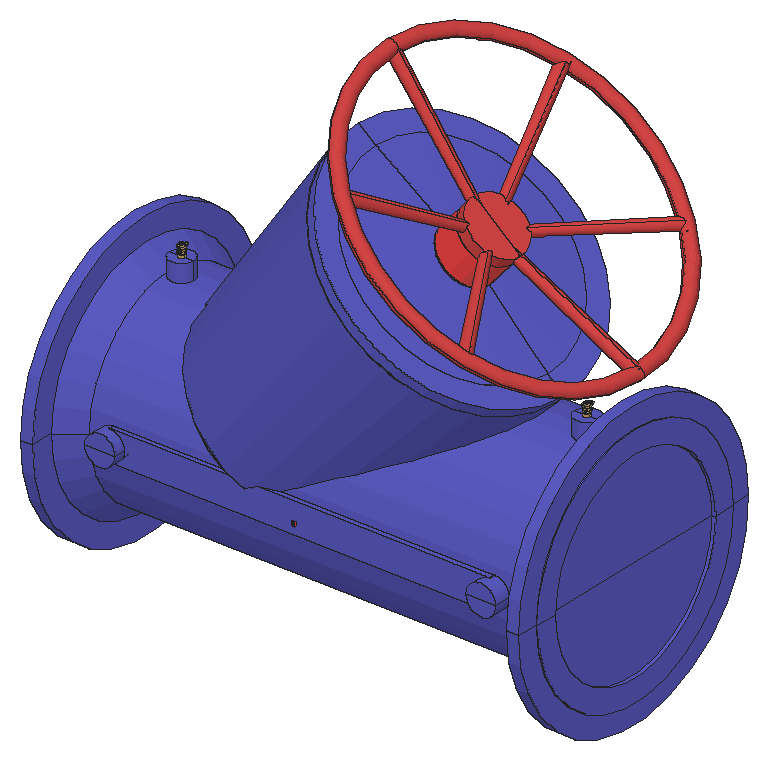
Revit family "HERZ Strömax Commissioning Valve With Test Points, Inclined Body 4220 GF PN25", category Rohrzubehör, Revit 2020
Family settings
  Bemaßung runder Anschluss = Durchmesser verwenden
  Teiletyp = Unterbricht
  OmniClass-Nummer = 23.65.55.14
  OmniClass-Titel = Valves for Liquid Services
  Arbeitsebenenbasiert = Nein
  Immer vertikal = Ja
  Beim Laden mit Abzugskörper schneiden = Nein
  Gemeinsam genutzt = Nein
Parameters
  kvs-value [instance] = if(Nennweite = 350.00 mm, 2917.6, if(Nennweite = 400.00 mm, 3854.8, if(Nennweite = 500.00 mm, 5250.6, 0)))  # 5250.6
  Vorgabe-Ansicht = 0.00 mm
  Part number [instance] = size_lookup("4220_GF_25_", "Artnr", 0, Nennweite)  # 1422092
  Counting device = "plastic material"  # constant formula
  W02 = 60.00°  # constant formula
  W01 = 50.00°  # constant formula
  Valve cone = "ductile iron EN-GJS-400-15 according to EN 1561 / EPDM coated"  # constant formula
  Spindle = "stainless steel"  # constant formula
  S01 [instance] = Nennweite + 10.00 mm  # 510.00 mm
  Regulating spindle = "stainless steel"  # constant formula
  Upper part = "ductile iron EN-GJS-400-15"  # constant formula
  O-Ring = "EPDM"  # constant formula
  Model = "STRÖMAX GF double regulating and commissioning valve with measuring valves, DN 350-500:\r\nbody nodular cast iron GJS 400-15 according to EN 1561, flange according to EN 1092, PN 16 or PN 25, blue enamel.\r\nValve upper part nodular cast iron GJS 400-15, with non-rising spindle, spindle sealing by means of a triple O-ring.\r\nPresetting steps are displayed digitally."
  Min. operating temperature = -10 °C  # constant formula
  Max. operating temperature = 110 °C  # constant formula
  Max. operating pressure = 2500000.0 Pa  # constant formula
  L04 [instance] = size_lookup("4220_GF_25_", "L4", 1.00 mm, Nennweite)  # 255.00 mm
  H11 = 85.00 mm  # constant formula
  H10 [instance] = H07 + H03  # 720.30 mm
  H08 = 47.00 mm  # constant formula
  H07 = 50.00 mm  # constant formula
  H06 = 27.00 mm  # constant formula
  H05 [instance] = H04 + 25.00 mm  # 605.00 mm
  H04 [instance] = size_lookup("4220_GF_25_", "H4", 1.00 mm, Nennweite)  # 580.00 mm
  H03 [instance] = size_lookup("4220_GF_25_", "H3", 1.00 mm, Nennweite)  # 670.30 mm
  Weight [instance] = if(Nennweite = 350.00 mm, "560.0 kg", if(Nennweite = 400.00 mm, "611.0 kg", if(Nennweite = 500.00 mm, "1109.0 kg", "0")))  # "1109.0 kg"
  URL = "www.herzvalves.com"
  SCRNSEQ = "ARM;ARM_TYP=\"STRV\";2"
  SCRNCODE = "05;07;02"  # constant formula
  R02 [instance] = size_lookup("4220_GF_25_", "R2", 1.00 mm, Nennweite)  # 30.00 mm
  R01 [instance] = size_lookup("4220_GF_25_", "R1", 1.00 mm, Nennweite)  # 37.50 mm
  Nennweite [instance] = 500.00 mm
  Medium = "Heating water quality according to ÖNORM H 5195 or VDI guideline 2035.\r\nEthylene and propylene glycol can be used in a ratio of 25-50 vol. [%] are mixed."
  L03 [instance] = size_lookup("4220_GF_25_", "L3", 1.00 mm, Nennweite)  # 505.00 mm
  L02 [instance] = size_lookup("4220_GF_25_", "L2", 1.00 mm, Nennweite)  # 475.00 mm
  L01 [instance] = size_lookup("4220_GF_25_", "L1", 1.00 mm, Nennweite)  # 533.50 mm
  L00 [instance] = size_lookup("4220_GF_25_", "L", 1.00 mm, Nennweite)  # 1250.00 mm
  Hersteller = "HERZ Armaturen Ges.m.b.H."  # constant formula
  H09 [instance] = H03  # 670.30 mm
  H02 [instance] = size_lookup("4220_GF_25_", "H2", 1.00 mm, Nennweite)  # 295.00 mm
  H01 [instance] = size_lookup("4220_GF_25_", "H1", 1.00 mm, Nennweite)  # 292.00 mm
  GT = 10.00 mm  # constant formula
  Field of application = "For hydraulic balancing in heating or cooling systems, regulating and shutting off distribution circuits, heat exchangers, heating and cooling terminals."
  FLL02 [instance] = size_lookup("4220_GF_25_", "FLL2", 1.00 mm, Nennweite)  # 30.00 mm
  FLL01 [instance] = size_lookup("4220_GF_25_", "FLL1", 1.00 mm, Nennweite)  # 4.00 mm
  FLD03 [instance] = size_lookup("4220_GF_25_", "FLD3", 1.00 mm, Nennweite)  # 254.00 mm
  FLD02 [instance] = size_lookup("4220_GF_25_", "FLD2", 1.00 mm, Nennweite)  # 300.00 mm
  FLD01 [instance] = size_lookup("4220_GF_25_", "FLD1", 1.00 mm, Nennweite)  # 305.00 mm
  FLD00 [instance] = size_lookup("4220_GF_25_", "FLD", 1.00 mm, Nennweite)  # 357.50 mm
  Differential pressure measurement = "The STRÖMAX GF double regulating and commissioning valve is equipped with two measuring valves:\r\nIt is possible to measure the differential pressure with suitable measuring devices and to determine the flow rate accordingly."
  DN500 [instance] = Nennweite = 500.00 mm  # yes
  DN400 [instance] = Nennweite = 400.00 mm  # no
  DN350 [instance] = Nennweite = 350.00 mm  # no
  D05 = 75.00 mm  # constant formula
  D04 [instance] = size_lookup("4220_GF_25_", "D4", 1.00 mm, Nennweite)  # 54.00 mm
  D03 [instance] = size_lookup("4220_GF_25_", "D3", 1.00 mm, Nennweite)  # 275.00 mm
  D02 [instance] = D03 - 20.00 mm  # 255.00 mm
  D01 [instance] = size_lookup("4220_GF_25_", "D1", 1.00 mm, Nennweite)  # 334.00 mm
  D00 [instance] = size_lookup("4220_GF_25_", "D", 1.00 mm, Nennweite)  # 278.00 mm
  Body = "ductile iron EN-GJS-400-15"  # constant formula
  BH02 [instance] = -BH01  # -37.50 mm
  BH01 [instance] = size_lookup("4220_GF_25_", "BH1", 1.00 mm, Nennweite)  # 37.50 mm
  Anschluss [instance] = Nennweite / 2  # 250.00 mm
Reference planes
  plane 1 "Mitte (Vorne/hinten)": y = 0
  plane 2: z = 0
  plane 3 "Mitte (Links/rechts)": x = 0
Forms (mm)
  Revolve 1, solid, material "Herz-Marineblau", detail levels fine
    sketch origin (1058.943, 0, 0) x (1, 0, 0) y (0, 1, 0)
      loop
        line (-1679.943, 357.5) -> (-1679.943, 305) -> (-1683.943, 305) -> (-1683.943, 250) -> (-1673.943, 250) -> (-1673.943, 0) -> (-443.943, 0) -> (-443.943, 250) -> (-433.943, 250) -> (-433.943, 305) -> (-437.943, 305) -> (-437.943, 357.5) -> (-467.943, 357.5) -> (-467.943, 300) -> (-525.443, 254)
        arc (-525.443, 254) -> (-1058.943, 278) -> (-1592.443, 254) r 5941.63
        line (-1592.443, 254) -> (-1649.943, 300) -> (-1649.943, 357.5) -> (-1679.943, 357.5)
      axis (-1683.943, 0) -> (-433.943, 0)
    angle from 0 to 360
  Revolve 2, solid, material "Herz-Marineblau", detail levels fine
    sketch origin (0, 0, 0) x (1, 0, 0) y (0, 1, 0)
      loop
        line (-475, 292) -> (-512.5, 292) -> (-512.5, -292) -> (-475, -292) -> (-475, 292)
      axis (-475, 292) -> (-475, -292)
    angle from 0 to 360
  Revolve 3, solid, material "Herz-Marineblau", detail levels fine
    sketch origin (0, 0, 0) x (-1, 0, 0) y (0, 1, 0)
      loop
        line (-475, 292) -> (-512.5, 292) -> (-512.5, -292) -> (-475, -292) -> (-475, 292)
      axis (-475, 292) -> (-475, -292)
    angle from 0 to 360
  Revolve 4, solid, material "Herz-Marineblau", detail levels fine
    sketch origin (0, 0, 0) x (1, 0, 0) y (0, 0, 1)
      loop
        line (-505, 0) -> (-505, 295) -> (-535, 295) -> (-535, 0) -> (-505, 0)
      axis (-505, 295) -> (-505, 0)
    angle from 0 to 360
  Revolve 5, solid, material "Herz-Marineblau", detail levels fine
    sketch origin (0, 0, 0) x (-1, 0, 0) y (0, 0, 1)
      loop
        line (-505, 0) -> (-505, 295) -> (-535, 295) -> (-535, 0) -> (-505, 0)
      axis (-505, 295) -> (-505, 0)
    angle from 0 to 360
  Extrusion 6, solid, material "Herz-Marineblau", visible <- "DN500", detail levels fine
    sketch origin (0, 0, 0) x (1, 0, 0) y (0, 1, 0)
      loop
        arc (-475, -263.998) -> (0, -282.994) -> (475, -263.998) r 5948.094
        line (475, -263.998) -> (475, 263.998)
        arc (475, 263.998) -> (0, 282.994) -> (-475, 263.998) r 5948.094
        line (-475, 263.998) -> (-475, -263.998)
    from -37.5 <- "BH02" to 37.5 <- "BH01"
  Extrusion 7, solid, material "Herz-Marineblau", visible <- "DN400", detail levels fine
    sketch origin (0, 0, 0) x (1, 0, 0) y (0, 1, 0)
      loop
        arc (-410, -209.712) -> (0, -223.005) -> (410, -209.712) r 6329.849
        line (410, -209.712) -> (410, 209.712)
        arc (410, 209.712) -> (0, 223.005) -> (-410, 209.712) r 6329.849
        line (-410, 209.712) -> (-410, -209.712)
    from -37.5 <- "BH02" to 37.5 <- "BH01"
  Extrusion 8, solid, material "Herz-Marineblau", visible <- "DN350", detail levels fine
    sketch origin (0, 0, 0) x (1, 0, 0) y (0, 1, 0)
      loop
        arc (-390, -185.916) -> (0, -255.071) -> (390, -185.916) r 1134.286
        line (390, -185.916) -> (390, 185.916)
        arc (390, 185.916) -> (0, 255.071) -> (-390, 185.916) r 1134.286
        line (-390, 185.916) -> (-390, -185.916)
    from -37.5 <- "BH02" to 37.5 <- "BH01"
  Revolve 9, solid, material "Herz-Marineblau", detail levels fine
    sketch origin (0, 0, 0) x (1, 0, 0) y (0, 0, 1)
      loop
        line (-255, 0) -> (175.861, 513.48) -> (-79.998, 728.171) -> (-407.619, 245.94) -> (-408.367, 213.934) -> (-255, 0)
      axis (-255, 0) -> (175.861, 513.48)
    angle from 0 to 360
  Revolve 10, solid, material "Herz-Marineblau", detail levels fine
    sketch origin (0, 0, 0) x (1, 0, 0) y (0, 0, 1)
      loop
        line (175.861, 513.48) -> (208, 551.782) -> (150.547, 599.991) -> (148.618, 597.693)
        arc (148.618, 597.693) -> (66.389, 659.883) -> (-21.277, 714.143) r 1105.603
        line (-21.277, 714.143) -> (-62.643, 748.854) -> (-79.998, 728.171) -> (175.861, 513.48)
      axis (208, 551.782) -> (175.861, 513.48)
    angle from 0 to 360
  Revolve 11, solid, material "Kunsstoff rot", detail levels fine
    sketch origin (0, 0, 0) x (1, 0, 0) y (0, 0, 1)
      loop
        line (208, 551.782) -> (262.637, 616.896) -> (205.184, 665.105) -> (150.547, 599.991) -> (208, 551.782)
      axis (262.637, 616.896) -> (208, 551.782)
    angle from 0 to 360
Lines and regions (mm)
  model lines, detail levels coarse+medium
    curve 1: line (-625, 0, 357.5) -> (-625, 0, -357.5)
    curve 2: line (-625, 0, -357.5) -> (625, 0, 357.5)
    curve 3: line (625, 0, 357.5) -> (625, 0, -357.5)
    curve 4: line (625, 0, -357.5) -> (-625, 0, 357.5)
    curve 5: line (0, 0, 0) -> (386.998, 0, 670.3)
    curve 6: line (166.161, 0, 797.8) -> (607.834, 0, 542.8)
    curve 7: line (-625, 357.5, 0) -> (-625, -357.5, 0)
    curve 8: line (-625, -357.5, 0) -> (625, 357.5, 0)
    curve 9: line (625, 357.5, 0) -> (625, -357.5, 0)
    curve 10: line (625, -357.5, 0) -> (-625, 357.5, 0)
    curve 11: line (0, 0, 0) -> (386.998, 670.3, 0)
    curve 12: line (166.161, 797.8, 0) -> (607.834, 542.8, 0)
Dimensions and locks
  "FLD00": plane 1 "Mitte (Vorne/hinten)" to Revolve 1 sketch curve
  "FLD01": plane 1 "Mitte (Vorne/hinten)" to Revolve 1 sketch curve
  "FLD02": plane 1 "Mitte (Vorne/hinten)" to Revolve 1 sketch curve  (x2)
  "FLD03": plane 1 "Mitte (Vorne/hinten)" to Revolve 1 sketch curve  (x2)
  "GT": Revolve 1 sketch curve to Revolve 1 sketch curve  (x2)
  "FLL01": Revolve 1 sketch curve to Revolve 1 sketch curve  (x2)
  "FLL02": Revolve 1 sketch curve to Revolve 1 sketch curve  (x2)
  equal spacing: Revolve 1 sketch curve, plane 3 "Mitte (Links/rechts)", Revolve 1 sketch curve
  "Anschluss": Revolve 1 sketch curve to plane 1 "Mitte (Vorne/hinten)"
  "Anschluss": plane 1 "Mitte (Vorne/hinten)" to Revolve 1 sketch curve
  "FLD01": Revolve 1 sketch curve to plane 1 "Mitte (Vorne/hinten)"
  "FLD00": Revolve 1 sketch curve to plane 1 "Mitte (Vorne/hinten)"
  "L00": Revolve 1 sketch curve to Revolve 1 sketch curve
  "D00": plane 1 "Mitte (Vorne/hinten)" to Revolve 1 sketch curve
  "L01": Revolve 1 sketch curve to plane 3 "Mitte (Links/rechts)" to Revolve 1 sketch curve
  "L02": Revolve 2 sketch curve to plane 3 "Mitte (Links/rechts)"
  "R01": Revolve 2 sketch curve to Revolve 2 sketch curve
  "H01": Revolve 2 sketch curve to plane 1 "Mitte (Vorne/hinten)" to Revolve 2 sketch curve
  "L02": plane 3 "Mitte (Links/rechts)" to Revolve 3 sketch curve
  "R01": Revolve 3 sketch curve to Revolve 3 sketch curve
  "H01": Revolve 3 sketch curve to plane 1 "Mitte (Vorne/hinten)" to Revolve 3 sketch curve
  "L03": plane 3 "Mitte (Links/rechts)" to Revolve 4 sketch curve
  "R02": Revolve 4 sketch curve to Revolve 4 sketch curve
  "H02": Revolve 4 sketch curve to plane 2
  "R02": Revolve 5 sketch curve to Revolve 5 sketch curve
  "L03": Revolve 5 sketch curve to plane 3 "Mitte (Links/rechts)"
  "H02": Revolve 5 sketch curve to plane 2
  "L03": plane 3 "Mitte (Links/rechts)" to nested 1
  "L03": nested 2 to plane 3 "Mitte (Links/rechts)"
  "H02": nested 1 to plane 2
  "H02": nested 2 to plane 2
  "FLD00": curve 4 to plane 2 to curve 2
  "FLD00": curve 3 to plane 2 to curve 4
  equal spacing: curve 1, plane 3 "Mitte (Links/rechts)", curve 3
  "L00": curve 1 to curve 3
  "H09": curve 5 to plane 2
  equal spacing: curve 1, curve 5, curve 3
  equal spacing: curve 6, curve 5, curve 6
  "S01": curve 6 to curve 6
  "FLD00": curve 8 to plane 1 "Mitte (Vorne/hinten)" to curve 10
  "FLD00": curve 10 to plane 1 "Mitte (Vorne/hinten)" to curve 9
  equal spacing: curve 7, plane 3 "Mitte (Links/rechts)", curve 9
  "L00": curve 7 to curve 9
  equal spacing: curve 7, curve 11, curve 9
  "H09": plane 1 "Mitte (Vorne/hinten)" to curve 11
  equal spacing: curve 12, curve 11, curve 12
  "S01": curve 12 to curve 12
  "L04": plane 3 "Mitte (Links/rechts)" to Revolve 9 sketch curve  (x2)
  "H03": Revolve 9 sketch curve to Revolve 9 sketch curve
  "D02": Revolve 9 sketch curve to Revolve 9 sketch curve
  "H05": Revolve 9 sketch curve to Revolve 9 sketch curve
  "H04": Revolve 9 sketch curve to Revolve 9 sketch curve
  "D03": Revolve 9 sketch curve to Revolve 9 sketch curve
  "H03": Revolve 10 sketch curve to Revolve 10 sketch curve
  "D01": Revolve 10 sketch curve to Revolve 10 sketch curve  (x2)
  "D04": Revolve 10 sketch curve to Revolve 10 sketch curve
  "D05": Revolve 10 sketch curve to Revolve 10 sketch curve
  "H06": Revolve 9 to Revolve 10 sketch curve
  "H07": Revolve 9 to Revolve 10 sketch curve
  "H08": Revolve 9 to Revolve 10 sketch curve
  "L04": plane 3 "Mitte (Links/rechts)" to Revolve 10 sketch curve
  "D01": Revolve 9 sketch curve to Revolve 9 sketch curve
  "L04": plane 3 "Mitte (Links/rechts)" to Revolve 11 sketch curve
  "H11": Revolve 10 to Revolve 11 sketch curve
  "D05": Revolve 11 sketch curve to Revolve 11 sketch curve  (x2)
  "H10": Revolve 11 sketch curve to Revolve 11 sketch curve
  "W02": angle plane 2 to curve 5
  "W02": angle plane 1 "Mitte (Vorne/hinten)" to curve 11
  "W01": angle plane 2 to Revolve 9 sketch curve  (x2)
  "W01": angle plane 2 to Revolve 10 sketch curve  (x2)
  "W01": angle plane 2 to Revolve 11 sketch curve  (x2)
  aligned and locked: level to plane 2
Automatic sketch dimensions
  Extrusion 6 sketch curve to plane 3 "Mitte (Links/rechts)" = 0.00 mm  (x2)
  plane 1 "Mitte (Vorne/hinten)" to Extrusion 6 sketch curve = 263.998 mm
  Extrusion 6 sketch curve to plane 3 "Mitte (Links/rechts)" = 475.00 mm
  Extrusion 6 sketch curve to Extrusion 6 sketch curve = 5401.102 mm
  Extrusion 6 sketch curve to plane 1 "Mitte (Vorne/hinten)" = 5665.10 mm
  Extrusion 6 sketch curve to plane 1 "Mitte (Vorne/hinten)" = 263.998 mm  (x2)
  Extrusion 7 sketch curve to plane 3 "Mitte (Links/rechts)" = 0.00 mm  (x2)
  plane 1 "Mitte (Vorne/hinten)" to Extrusion 7 sketch curve = 209.712 mm  (x2)
  Extrusion 7 sketch curve to plane 3 "Mitte (Links/rechts)" = 410.00 mm
  Extrusion 7 sketch curve to Extrusion 7 sketch curve = 5897.131 mm
  Extrusion 7 sketch curve to plane 1 "Mitte (Vorne/hinten)" = 6106.844 mm
  Extrusion 7 sketch curve to plane 1 "Mitte (Vorne/hinten)" = 209.712 mm
  Extrusion 8 sketch curve to plane 3 "Mitte (Links/rechts)" = 0.00 mm  (x2)
  plane 1 "Mitte (Vorne/hinten)" to Extrusion 8 sketch curve = 185.916 mm
  Extrusion 8 sketch curve to plane 3 "Mitte (Links/rechts)" = 390.00 mm
  Extrusion 8 sketch curve to Extrusion 8 sketch curve = 693.298 mm
  Extrusion 8 sketch curve to plane 1 "Mitte (Vorne/hinten)" = 879.214 mm
  Extrusion 8 sketch curve to plane 1 "Mitte (Vorne/hinten)" = 185.916 mm  (x2)
  plane 1 "Mitte (Vorne/hinten)" to Revolve 1 sketch curve = 0.00 mm  (x2)
  Revolve 1 sketch curve to Revolve 1 sketch curve = 35.00 mm
  Revolve 1 sketch curve to Revolve 1 sketch curve = 40.00 mm
  Revolve 2 sketch curve to Revolve 2 sketch curve = 0.00 mm  (x3)
  Revolve 3 sketch curve to Revolve 3 sketch curve = 0.00 mm  (x3)
  Revolve 4 sketch curve to level = 0.00 mm  (x2)
  Revolve 4 sketch curve to Revolve 4 sketch curve = 0.00 mm  (x2)
  Revolve 5 sketch curve to level = 0.00 mm  (x2)
  Revolve 5 sketch curve to Revolve 5 sketch curve = 0.00 mm  (x2)
  Revolve 9 sketch curve to level = 0.00 mm  (x2)
  Revolve 10 sketch curve to level = 0.00 mm
  Revolve 10 sketch curve to level = 252.062 mm
  Revolve 11 sketch curve to level = 0.00 mm
Nested families
  nested 1: "Messstutzen_Band_Eintritt_senkrecht_(oben)" at (-505, 0, 286), type "Messstutzen_Band_Eintritt_senkrecht_(oben)", detail levels fine
    with Schutzkappe yes, Nennweite 0.00 mm, Gewicht 0.00 kg, Bestellnummer 0
  nested 2: "Messstutzen_Band_Austritt_senkrecht_(oben)" at (505, 0, 286), type "Messstutzen_Band_Austritt_senkrecht_(oben)", detail levels fine
    with Schutzkappe yes, Nennweite 0.00 mm, Gewicht 0.00 kg, Bestellnummer 0
  nested 3: "Herz-Logo-vorne" at (0, -282.994, 0) x (0, 1, 0) z (0, 0, 1), visible <- "DN500", type "Herz-Logo-vorne", detail levels fine
  nested 4: "Herz-Logo-vorne" at (0, -221.503, 0) x (0, 1, 0) z (0, 0, 1), visible <- "DN400", type "Herz-Logo-vorne", detail levels fine
  nested 5: "Herz-Logo-vorne" at (0, -255.053, 0) x (0, 1, 0) z (0, 0, 1), visible <- "DN350", type "Herz-Logo-vorne", detail levels fine
  nested 6: "Strangregulierventil-Handrad_VOLL-Schräg (Rot) DN350-DN400" at (211.704, 0, 501.376), visible <- "DN350", type "Strangregulierventil-Handrad_VOLL-Schräg (Rot) DN350-DN400"
    with DN300 yes
  nested 7: "Strangregulierventil-Handrad_VOLL-Schräg (Rot) DN350-DN400" at (230.272, 0, 547.339), visible <- "DN400", type "Strangregulierventil-Handrad_VOLL-Schräg (Rot) DN350-DN400"
    with DN300 yes
  nested 8: "Strangregulierventil-Handrad_VOLL-Schräg (Rot) DN500" at (262.637, 0, 616.896), visible <- "DN500", type "Strangregulierventil-Handrad_VOLL-Schräg (Rot) DN500", detail levels fine
    with DN300 yes
Connectors
  piping at (-625, 0, 0), diameter 500, driven by "Nennweite"
    settings: on Revolve 1, index 1, connector inside diameter 609.6 mm, connector length 0.00 mm, flow factor 0, pipe flow 0.0 L/s, pressure drop 0.0 Pa, fitting loss kfactor 0, connector angle 0.00°, fixture units 0, engagement length 0.00 mm, angle of deflection 0.00°, flow configuration 0, flow direction 1, fitting loss method 0, system type 29, joint type 0, gender type 0, connector reference index -1, connector utility 0, adjustable connector no, is connector primary yes, connector description ""
  piping at (625, 0, 0), diameter 500, driven by "Nennweite"
    settings: on Revolve 1, index 2, connector inside diameter 609.6 mm, connector length 0.00 mm, flow factor 0, pipe flow 0.0 L/s, pressure drop 0.0 Pa, fitting loss kfactor 0, connector angle 0.00°, fixture units 0, engagement length 0.00 mm, angle of deflection 0.00°, flow configuration 0, flow direction 2, fitting loss method 0, system type 29, joint type 0, gender type 0, connector reference index -1, connector utility 0, adjustable connector no, is connector primary no, connector description ""
Definition of nested family "Messstutzen_Band_Eintritt_senkrecht_(oben)"
  Parameters (values of type "Messstutzen_Band_Eintritt_senkrecht_(oben)")
    Default Elevation = 0.00 mm
    URL = "www.herz-armaturen.at"
    Schutzkappe [instance] = yes
    Nennweite [instance] = 0.00 mm
    Manufacturer = "Herz Armaturen GmbH"  # constant formula
    Gewicht [instance] = 0.00 kg
    Bestellnummer [instance] = 0
  Reference planes
    plane 1 "Mitte (Vorne/hinten)": y = 0
    plane 2: z = 0
    plane 3 "Mitte (Links/rechts)": x = 0
    plane 4 "Schlaufe 1": z = -27
    plane 5 "Schlaufe 2": z = -31.678
  Forms (mm)
    Revolve 1, solid, detail levels fine
      sketch origin (0, 0, 0) x (1, 0, 0) y (0, 0, 1)
        loop
          line (-7.4, 9) -> (-5.55, 9) -> (-5.55, 6)
          arc (-5.55, 6) -> (-5.626, 5.617) -> (-5.843, 5.293) r 1
          line (-5.843, 5.293) -> (-6.455, 4.681) -> (-6.455, 0.9) -> (-5.555, 0) -> (-2, 0) -> (-2, 17.5) -> (-8.4, 17.5)
          arc (-8.4, 17.5) -> (-7.693, 17.207) -> (-7.4, 16.5) r 1
          line (-7.4, 16.5) -> (-7.4, 9)
        loop
          line (-3.7, 27) -> (-7.3, 27) -> (-7.9, 26.4) -> (-7.9, 23) -> (-2, 23) -> (-2, 35.8) -> (-3.805, 35.8) -> (-4.415, 35.19) -> (-4.415, 30.863) -> (-3.7, 30.45) -> (-3.7, 27)
        axis (0, 0) -> (0, 35.8)
      angle from 0 to 360
    Extrusion 2, solid, detail levels fine
      sketch origin (0, 0, 17.5) x (0, 1, 0) y (-1, 0, 0)
        loop
          arc (-7.07, 5.156) -> (-7.578, 4.375) -> (-8, 3.544) r 8.75
          line (-8, 3.544) -> (-8, -3.544)
          arc (-8, -3.544) -> (-7.578, -4.375) -> (-7.07, -5.156) r 8.75
          line (-7.07, -5.156) -> (-0.93, -8.7)
          arc (-0.93, -8.7) -> (0, -8.75) -> (0.93, -8.7) r 8.75
          line (0.93, -8.7) -> (7.07, -5.156)
          arc (7.07, -5.156) -> (7.578, -4.375) -> (8, -3.544) r 8.75
          line (8, -3.544) -> (8, 3.544)
          arc (8, 3.544) -> (7.578, 4.375) -> (7.07, 5.156) r 8.75
          line (7.07, 5.156) -> (0.93, 8.7)
          arc (0.93, 8.7) -> (0, 8.75) -> (-0.93, 8.7) r 8.75
          line (-0.93, 8.7) -> (-7.07, 5.156)
      from 0 to 5.5
    Revolve 3, solid, visible <- "Schutzkappe", detail levels fine
      sketch origin (0, 0, 0) x (1, 0, 0) y (0, 0, 1)
        loop
          line (0, 35.878) -> (0, 36.678) -> (-7, 36.678) -> (-7, 33.378) -> (-6.1, 33.378) -> (-6.1, 31.678) -> (-6.9, 31.678) -> (-6.9, 30.178) -> (-4.415, 30.178) -> (-4.415, 35.268) -> (-3.805, 35.878) -> (0, 35.878)
        axis (0, 30.178) -> (0, 36.678)
      angle from 0 to 360
    Extrusion 4, solid, detail levels fine
      sketch origin (0, 0, 28.5) x (1, 0, 0) y (0, 1, 0)
        loop
          circle (0, 0) r 3.7
        loop
          arc (-3.906, 5.505) -> (0, -6.75) -> (3.906, 5.505) r 6.75
          arc (3.906, 5.505) -> (2.358, 7.288) -> (1.8, 9.582) r 5
          line (1.8, 9.582) -> (-1.8, 9.582)
          arc (-1.8, 9.582) -> (-2.358, 7.288) -> (-3.906, 5.505) r 5
      from 0 to -1.5
    Extrusion 5, solid, detail levels fine
      sketch origin (0, 0, 33.178) x (1, 0, 0) y (0, 1, 0)
        loop
          circle (0, 0) r 6.1
        loop
          arc (-4.495, 8.652) -> (0, -9.75) -> (4.495, 8.652) r 9.75
          arc (4.495, 8.652) -> (2.527, 10.493) -> (1.8, 13.089) r 5
          line (1.8, 13.089) -> (-1.8, 13.089)
          arc (-1.8, 13.089) -> (-2.527, 10.493) -> (-4.495, 8.652) r 5
      from 0 to -1.5
    Sweep 6, solid, detail levels fine
      path origin (0, 0, 0) x (0, 0, -1) y (0, -1, 0)
        loop
          line (-27.75, -9.582) -> (-27.75, -14.522)
          arc (-27.75, -14.522) -> (-30.089, -16.862) -> (-32.428, -14.522) r 2.339
          line (-32.428, -14.522) -> (-32.428, -13.089)
      profile origin (0, 12.052, 27.75) x (0, 0, 1) y (1, 0, 0)
        loop
          line (-0.75, -1.8) -> (0.75, -1.8) -> (0.75, 1.8) -> (-0.75, 1.8) -> (-0.75, -1.8)
  Dimensions and locks
    aligned and locked: level to plane 2
Definition of nested family "Messstutzen_Band_Austritt_senkrecht_(oben)"
  Parameters (values of type "Messstutzen_Band_Austritt_senkrecht_(oben)")
    Default Elevation = 0.00 mm
    URL = "www.herz-armaturen.at"
    Schutzkappe [instance] = yes
    Nennweite [instance] = 0.00 mm
    Manufacturer = "Herz Armaturen GmbH"  # constant formula
    Gewicht [instance] = 0.00 kg
    Bestellnummer [instance] = 0
  Reference planes
    plane 1 "Mitte (Vorne/hinten)": y = 0
    plane 2: z = 0
    plane 3 "Mitte (Links/rechts)": x = 0
    plane 4 "Schlaufe 1": z = -27
    plane 5 "Schlaufe 2": z = -31.678
  Forms (mm)
    Revolve 1, solid, detail levels fine
      sketch origin (0, 0, 0) x (1, 0, 0) y (0, 0, 1)
        loop
          line (-7.4, 9) -> (-5.55, 9) -> (-5.55, 6)
          arc (-5.55, 6) -> (-5.626, 5.617) -> (-5.843, 5.293) r 1
          line (-5.843, 5.293) -> (-6.455, 4.681) -> (-6.455, 0.9) -> (-5.555, 0) -> (-2, 0) -> (-2, 17.5) -> (-8.4, 17.5)
          arc (-8.4, 17.5) -> (-7.693, 17.207) -> (-7.4, 16.5) r 1
          line (-7.4, 16.5) -> (-7.4, 9)
        loop
          line (-3.7, 27) -> (-7.3, 27) -> (-7.9, 26.4) -> (-7.9, 23) -> (-2, 23) -> (-2, 35.8) -> (-3.805, 35.8) -> (-4.415, 35.19) -> (-4.415, 30.863) -> (-3.7, 30.45) -> (-3.7, 27)
        axis (0, 0) -> (0, 35.8)
      angle from 0 to 360
    Extrusion 2, solid, detail levels fine
      sketch origin (0, 0, 17.5) x (0, 1, 0) y (-1, 0, 0)
        loop
          arc (-7.07, 5.156) -> (-7.578, 4.375) -> (-8, 3.544) r 8.75
          line (-8, 3.544) -> (-8, -3.544)
          arc (-8, -3.544) -> (-7.578, -4.375) -> (-7.07, -5.156) r 8.75
          line (-7.07, -5.156) -> (-0.93, -8.7)
          arc (-0.93, -8.7) -> (0, -8.75) -> (0.93, -8.7) r 8.75
          line (0.93, -8.7) -> (7.07, -5.156)
          arc (7.07, -5.156) -> (7.578, -4.375) -> (8, -3.544) r 8.75
          line (8, -3.544) -> (8, 3.544)
          arc (8, 3.544) -> (7.578, 4.375) -> (7.07, 5.156) r 8.75
          line (7.07, 5.156) -> (0.93, 8.7)
          arc (0.93, 8.7) -> (0, 8.75) -> (-0.93, 8.7) r 8.75
          line (-0.93, 8.7) -> (-7.07, 5.156)
      from 0 to 5.5
    Revolve 3, solid, visible <- "Schutzkappe", detail levels fine
      sketch origin (0, 0, 0) x (1, 0, 0) y (0, 0, 1)
        loop
          line (0, 35.878) -> (0, 36.678) -> (-7, 36.678) -> (-7, 33.378) -> (-6.1, 33.378) -> (-6.1, 31.678) -> (-6.9, 31.678) -> (-6.9, 30.178) -> (-4.415, 30.178) -> (-4.415, 35.268) -> (-3.805, 35.878) -> (0, 35.878)
        axis (0, 30.178) -> (0, 36.678)
      angle from 0 to 360
    Extrusion 4, solid, detail levels fine
      sketch origin (0, 0, 28.5) x (1, 0, 0) y (0, 1, 0)
        loop
          circle (0, 0) r 3.7
        loop
          arc (-3.906, 5.505) -> (0, -6.75) -> (3.906, 5.505) r 6.75
          arc (3.906, 5.505) -> (2.358, 7.288) -> (1.8, 9.582) r 5
          line (1.8, 9.582) -> (-1.8, 9.582)
          arc (-1.8, 9.582) -> (-2.358, 7.288) -> (-3.906, 5.505) r 5
      from 0 to -1.5
    Extrusion 5, solid, detail levels fine
      sketch origin (0, 0, 33.178) x (1, 0, 0) y (0, 1, 0)
        loop
          circle (0, 0) r 6.1
        loop
          arc (-4.495, 8.652) -> (0, -9.75) -> (4.495, 8.652) r 9.75
          arc (4.495, 8.652) -> (2.527, 10.493) -> (1.8, 13.089) r 5
          line (1.8, 13.089) -> (-1.8, 13.089)
          arc (-1.8, 13.089) -> (-2.527, 10.493) -> (-4.495, 8.652) r 5
      from 0 to -1.5
    Sweep 6, solid, detail levels fine
      path origin (0, 0, 0) x (0, 0, -1) y (0, -1, 0)
        loop
          line (-27.75, -9.582) -> (-27.75, -14.522)
          arc (-27.75, -14.522) -> (-30.089, -16.862) -> (-32.428, -14.522) r 2.339
          line (-32.428, -14.522) -> (-32.428, -13.089)
      profile origin (0, 12.052, 27.75) x (0, 0, 1) y (1, 0, 0)
        loop
          line (-0.75, -1.8) -> (0.75, -1.8) -> (0.75, 1.8) -> (-0.75, 1.8) -> (-0.75, -1.8)
  Dimensions and locks
    aligned and locked: level to plane 2
Definition of nested family "Herz-Logo-vorne"
  Parameters (values of type "Herz-Logo-vorne")
    Default Elevation = 0.00 mm
  Reference planes
    plane 1 "Mitte (Vorne/hinten)": y = 0
    plane 2: z = 0
    plane 3 "Mitte (Links/rechts)": x = 0
  Forms (mm)
    Extrusion 1, solid
      sketch origin (0.732, -0.018, 0.017) x (0, -1, 0) y (0, 0, 1)
        loop
          line (-0.018, -4.517) -> (4.482, -4.517) -> (4.482, 4.483) -> (-4.518, 4.483) -> (-4.518, -4.517) -> (-0.018, -4.517)
        loop
          line (-0.05, -3.48) -> (3.482, -3.48) -> (3.482, 3.483) -> (-3.518, 3.483) -> (-3.518, -3.48) -> (-0.05, -3.48)
        loop
          arc (-0.018, 2.383) -> (-1.543, 3.287) -> (-3.067, 2.383) r 1.738
          arc (-3.067, 2.383) -> (-3.191, 1.899) -> (-3.067, 1.415) r 1.009
          line (-3.067, 1.415) -> (-0.018, -3.281) -> (3.032, 1.415)
          arc (3.032, 1.415) -> (3.156, 1.899) -> (3.032, 2.383) r 1.009
          arc (3.032, 2.383) -> (1.507, 3.287) -> (-0.018, 2.383) r 1.738
        loop
          arc (1.885, 1.272) -> (2.005, 1.675) -> (1.885, 2.079) r 0.74
          arc (1.885, 2.079) -> (1.265, 2.416) -> (0.644, 2.079) r 0.74
          line (0.644, 2.079) -> (-0.018, 0.97) -> (-0.679, 2.079)
          arc (-0.679, 2.079) -> (-1.3, 2.416) -> (-1.921, 2.079) r 0.74
          arc (-1.921, 2.079) -> (-2.04, 1.675) -> (-1.921, 1.272) r 0.74
          line (-1.921, 1.272) -> (-0.018, -1.658) -> (1.885, 1.272)
      from 0 to 1.5
  Dimensions and locks
    aligned and locked: level to plane 2
Definition of nested family "Strangregulierventil-Handrad_VOLL-Schräg (Rot) DN350-DN400"
  Parameters (values of type "Strangregulierventil-Handrad_VOLL-Schräg (Rot) DN350-DN400")
    Default Elevation = 0.00 mm
    DN300 [instance] = yes
  Reference planes
    plane 1 "Mitte (Vorne/hinten)": y = 0
    plane 2: z = 0
    plane 3 "Mitte (Links/rechts)": x = 0
  Forms (mm)
    Revolve 1, solid, detail levels fine
      sketch origin (0, 0, 0) x (0.766044, 0, -0.642788) y (0.642788, 0, 0.766044)
        loop
          line (0, 0) -> (0, 30) -> (-75, 30) -> (-75, 0) -> (0, 0)
        loop
          line (-316.85, 58.85) -> (-316.85, 42.85) -> (-280.85, 42.85) -> (-280.85, 58.85)
          arc (-280.85, 58.85) -> (-298.85, 76.85) -> (-316.85, 58.85) r 18
        axis (0, 58.85) -> (0, 0)
      angle from 0 to 360
    Revolve 2, solid, detail levels fine
      sketch origin (0, 0, 0) x (0.766044, 0, -0.642788) y (0.642788, 0, 0.766044)
        loop
          line (299.245, 74.817) -> (49.107, 26.195) -> (50.831, 16.343) -> (301.153, 65.001) -> (299.245, 74.817)
        axis (50.832, 16.338) -> (301.154, 64.996)
      angle from 0 to 360
    Revolve 3, solid, detail levels fine
      sketch origin (0, 0, 0) x (0.236721, 0.951057, -0.198632) y (0.642788, 0, 0.766044)
        loop
          line (299.245, 74.817) -> (49.107, 26.195) -> (50.831, 16.343) -> (301.153, 65.001) -> (299.245, 74.817)
        axis (50.832, 16.338) -> (301.154, 64.996)
      angle from 0 to 360
    Revolve 4, solid, detail levels fine
      sketch origin (0, 0, 0) x (-0.619743, 0.587785, 0.520026) y (0.642788, 0, 0.766044)
        loop
          line (299.245, 74.817) -> (49.107, 26.195) -> (50.831, 16.343) -> (301.153, 65.001) -> (299.245, 74.817)
        axis (50.832, 16.338) -> (301.154, 64.996)
      angle from 0 to 360
    Revolve 5, solid, detail levels fine
      sketch origin (0, 0, 0) x (-0.619743, -0.587785, 0.520026) y (0.642788, 0, 0.766044)
        loop
          line (299.245, 74.817) -> (49.107, 26.195) -> (50.831, 16.343) -> (301.153, 65.001) -> (299.245, 74.817)
        axis (50.832, 16.338) -> (301.154, 64.996)
      angle from 0 to 360
    Revolve 6, solid, detail levels fine
      sketch origin (0, 0, 0) x (0.236721, -0.951057, -0.198632) y (0.642788, 0, 0.766044)
        loop
          line (299.245, 74.817) -> (49.107, 26.195) -> (50.831, 16.343) -> (301.153, 65.001) -> (299.245, 74.817)
        axis (50.832, 16.338) -> (301.154, 64.996)
      angle from 0 to 360
  Dimensions and locks
    Revolve 1 sketch curve to plane 2 = 255.179 mm
    Revolve 1 sketch curve to Revolve 1 sketch curve = 30.00 mm
    aligned and locked: level to plane 2
Definition of nested family "Strangregulierventil-Handrad_VOLL-Schräg (Rot) DN500"
  Parameters (values of type "Strangregulierventil-Handrad_VOLL-Schräg (Rot) DN500")
    Default Elevation = 0.00 mm
    DN300 [instance] = yes
  Reference planes
    plane 1 "Mitte (Vorne/hinten)": y = 0
    plane 2: z = 0
    plane 3 "Mitte (Links/rechts)": x = 0
  Forms (mm)
    Revolve 1, solid, detail levels fine
      sketch origin (0, 0, 0) x (0.766044, 0, -0.642788) y (0.642788, 0, 0.766044)
        loop
          line (0, 0) -> (0, 30) -> (-75, 30) -> (-75, 0) -> (0, 0)
        loop
          circle (-400, 94.75) r 16.85
        axis (0, 94.75) -> (0, 0)
      angle from 0 to 360
    Revolve 2, solid, detail levels fine
      sketch origin (0, 0, 0) x (0.766044, 0, -0.642788) y (0.642788, 0, 0.766044)
        loop
          line (400.44, 94.852) -> (397.067, 109.46) -> (48.97, 25.68) -> (51.251, 14.235) -> (400.44, 94.852)
        axis (51.251, 14.235) -> (400.44, 94.852)
      angle from 0 to 360
    Revolve 3, solid, detail levels fine
      sketch origin (0, 0, 0) x (0.383022, 0.866025, -0.321394) y (0.642788, 0, 0.766044)
        loop
          line (400.44, 94.852) -> (397.067, 109.46) -> (48.97, 25.68) -> (51.251, 14.235) -> (400.44, 94.852)
        axis (51.251, 14.235) -> (400.44, 94.852)
      angle from 0 to 360
    Revolve 4, solid, detail levels fine
      sketch origin (0, 0, 0) x (-0.383022, 0.866025, 0.321394) y (0.642788, 0, 0.766044)
        loop
          line (400.44, 94.852) -> (397.067, 109.46) -> (48.97, 25.68) -> (51.251, 14.235) -> (400.44, 94.852)
        axis (51.251, 14.235) -> (400.44, 94.852)
      angle from 0 to 360
    Revolve 5, solid, detail levels fine
      sketch origin (0, 0, 0) x (-0.766044, 0, 0.642788) y (0.642788, 0, 0.766044)
        loop
          line (400.44, 94.852) -> (397.067, 109.46) -> (48.97, 25.68) -> (51.251, 14.235) -> (400.44, 94.852)
        axis (51.251, 14.235) -> (400.44, 94.852)
      angle from 0 to 360
    Revolve 6, solid, detail levels fine
      sketch origin (0, 0, 0) x (-0.383022, -0.866025, 0.321394) y (0.642788, 0, 0.766044)
        loop
          line (400.44, 94.852) -> (397.067, 109.46) -> (48.97, 25.68) -> (51.251, 14.235) -> (400.44, 94.852)
        axis (51.251, 14.235) -> (400.44, 94.852)
      angle from 0 to 360
    Revolve 7, solid, detail levels fine
      sketch origin (0, 0, 0) x (0.383022, -0.866025, -0.321394) y (0.642788, 0, 0.766044)
        loop
          line (400.44, 94.852) -> (397.067, 109.46) -> (48.97, 25.68) -> (51.251, 14.235) -> (400.44, 94.852)
        axis (51.251, 14.235) -> (400.44, 94.852)
      angle from 0 to 360
  Dimensions and locks
    Revolve 1 sketch curve to Revolve 1 sketch curve = 30.00 mm
    Revolve 1 sketch curve to Revolve 1 sketch curve = 416.85 mm
    Revolve 1 sketch curve to level = 346.548 mm
    Revolve 1 sketch curve to Revolve 1 sketch curve = 75.00 mm
    aligned and locked: level to plane 2
